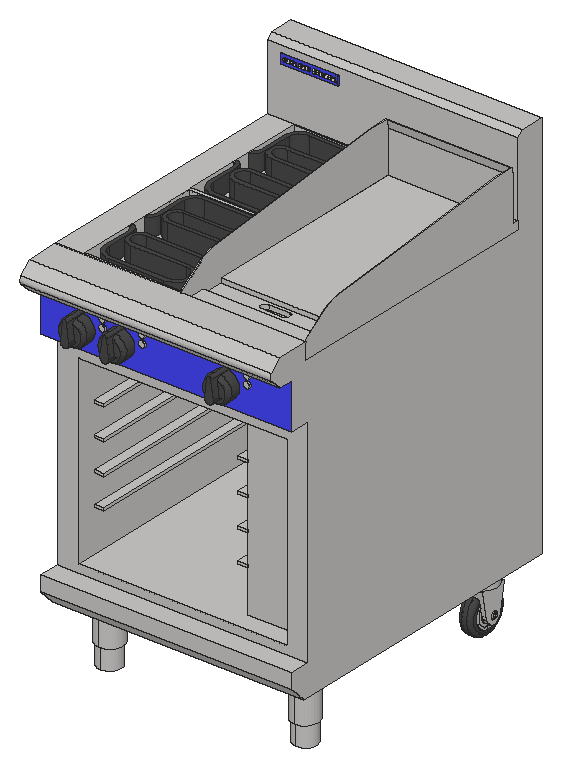
Revit family "QF_MOFFAT_BLUESEAL_CE_E514C-CB", category Specialty Equipment, Revit 2012
Parameters
  Weight in Pounds = 173  # constant formula
  Width [instance] = 600.00 mm  # constant formula
  Watts = 8200 W
  Volts = 400 V
  URL Cutsheet = "www.moffat.com"
  URL = "www.moffat.com"
  Type Mark [instance] = ""
  Status [instance] = ""
  Specification by User [instance] = ""
  Specification by Manufacturer = ""
  Show Logo [instance] = yes
  Show Casters [instance] = yes
  Serial Number = ""
  Seismic Rating = ""
  SMACNA No = ""
  Revision Code [instance] = ""
  Phase = 3
  Omniclass Number and Title = ""
  Number of Poles = 1
  NAFEM Spec ID Number = ""
  Model = "E514C-CB"
  Min Ckt Ampacity = 0 A
  Max Overcurrent Protection = 0 A
  Masterspec = ""
  Manufacturer = "MOFFAT BLUESEAL"
  Legs [instance] = not(Show Casters)  # no
  Item Number [instance] = ""
  Installed By [instance] = ""
  Identify Quantity as Lot [instance] = yes
  Height = 1085.00 mm  # constant formula
  HP = ""
  Furnished By [instance] = ""
  Foodservice Equipment Identifier [instance] = yes
  FL Amps = 20 A
  Electrical Remarks = "20A PER PHASE"
  Elec Conn RI Height = 0.00 mm
  Elec Conn Connection Height = 0.00 mm
  Description = "600MM ELECTRIC COOK TOP & GRIDDLE ON CABINET BASE"
  Depth [instance] = 812.00 mm  # constant formula
  Cycle = 50 Hz
  Conn Plug = ""
  Conn Conduit = yes
  CSI MasterFormat = ""
  CSI Master Format = ""
  Back Splash [instance] = 215.00 mm  # constant formula
  Apparent Power = if(Phase = 3, Volts * FL Amps * 1.73, Volts * FL Amps)  # 13840 VA
Reference planes
  plane 1 "BACK": y = 0
  plane 2: z = 0
  plane 3 "LEFT": x = 0
  plane 4 "RIGHT": x = 600
  plane 5 "FRONT": y = -812
  plane 6 "TOP": z = 970
  plane 7 "Center Y": x = 300
  plane 8 "Center X": y = -406
  plane 9 "Base Height": z = 150
  plane 10: z = 915
  plane 11: x = 65
  plane 12: x = 534
  plane 13: y = -625
  plane 14: y = -100
  plane 15: x = 470
  plane 16: z = 655
  plane 17: y = -32
  plane 18: z = 1085
Forms (mm)
  Extrusion 1, solid, material "QF_Finishes_Stainless Steel"
    sketch origin (0, 0, 0) x (0, 1, 0) y (0, 0, 1)
      loop
        line (-100, 150) -> (0, 150) -> (0, 1085) -> (-57.5, 1085) -> (-70, 1072.5) -> (-70, 875) -> (-705, 875) -> (-705, 915) -> (-783.97, 915) -> (-808.485, 890.485)
        arc (-808.485, 890.485) -> (-811.999, 882) -> (-808.485, 873.515) r 12
        line (-808.485, 873.515) -> (-784.97, 850) -> (-749, 850) -> (-749, 740) -> (-100, 740) -> (-100, 150)
      loop
        line (-749, 186) -> (-713, 150) -> (-699, 150) -> (-699, 222.5) -> (-749, 222.5) -> (-749, 186)
    from 0 to 600
  Revolve 2, solid, material "QF_Finishes_Stainless Steel", visible <- "Legs"
    sketch origin (534, -210, 0) x (0, 1, 0) y (0, 0, -1)
      loop
        line (78.25, -150) -> (110, -150) -> (110, 0) -> (82.5, 0) -> (82.5, -50) -> (78.25, -50) -> (78.25, -150)
      axis (110, -150) -> (110, 0)
    angle from 0 to 360
  Revolve 3, solid, material "QF_Finishes_Stainless Steel"
    sketch origin (534, -735, 0) x (0, 1, 0) y (0, 0, -1)
      loop
        line (78.25, -150) -> (110, -150) -> (110, 0) -> (82.5, 0) -> (82.5, -50) -> (78.25, -50) -> (78.25, -150)
      axis (110, -150) -> (110, 0)
    angle from 0 to 360
  Revolve 4, solid, material "QF_Finishes_Stainless Steel", visible <- "Legs"
    sketch origin (65, -210, 0) x (0, 1, 0) y (0, 0, -1)
      loop
        line (78.25, -150) -> (110, -150) -> (110, 0) -> (82.5, 0) -> (82.5, -50) -> (78.25, -50) -> (78.25, -150)
      axis (110, -150) -> (110, 0)
    angle from 0 to 360
  Revolve 5, solid, material "QF_Finishes_Stainless Steel"
    sketch origin (65, -735, 0) x (0, 1, 0) y (0, 0, -1)
      loop
        line (78.25, -150) -> (110, -150) -> (110, 0) -> (82.5, 0) -> (82.5, -50) -> (78.25, -50) -> (78.25, -150)
      axis (110, -150) -> (110, 0)
    angle from 0 to 360
  Revolve 6, solid, material "QF_Finishes_Black"
    sketch origin (103.927, 7, 597.816) x (0, 1, 0) y (0, 0, -1)
      loop
        line (-789, -229.5) -> (-766, -229.5) -> (-766, -202) -> (-756, -202) -> (-756, -197) -> (-800, -197) -> (-800, -223.651) -> (-789, -229.5)
      axis (-800, -197) -> (-756, -197)
    angle from 0 to 360
  Extrusion 7, solid, material "QF_Finishes_Black"
    sketch origin (242.197, 0, 597.973) x (-1, 0, 0) y (0, 0, -1)
      loop
        line (143.2, -228.94) -> (148.689, -184.854)
        arc (148.689, -184.854) -> (137.617, -174.355) -> (127.782, -186.021) r 10.487
        line (127.782, -186.021) -> (133.203, -228.94)
        arc (133.203, -228.94) -> (138.201, -233.827) -> (143.2, -228.94) r 5
    from 759 to 808
  Extrusion 8, solid, material "QF_Finishes_Stainless Steel"
    sketch origin (0, -699, 685) x (1, 0, 0) y (0, -1, 0)
      loop
        circle (470, -668) r 13.5
    from -55 to 30
  Extrusion 9, solid, material "QF_Finishes_Stainless Steel"
    sketch origin (0, -100, 685) x (0, 0, 1) y (-1, 0, 0)
      loop
        line (-535, 0) -> (-535, -600) -> (55, -600) -> (55, 0) -> (-535, 0)
      loop
        line (0, -50) -> (-442.5, -50) -> (-442.5, -550) -> (0, -550) -> (0, -50)
    from 0 to 599
  Extrusion 10, solid, material "QF_Finishes_Stainless Steel"
    sketch origin (0, -100, 685) x (0, 0, 1) y (-1, 0, 0)
      loop
        line (-266.25, -50) -> (-266.25, -75) -> (-259.9, -75) -> (-259.9, -50) -> (-266.25, -50)
      loop
        line (-184.9, -75) -> (-184.9, -50) -> (-191.25, -50) -> (-191.25, -75) -> (-184.9, -75)
      loop
        line (-341.25, -50) -> (-341.25, -75) -> (-334.9, -75) -> (-334.9, -50) -> (-341.25, -50)
      loop
        line (-109.9, -75) -> (-109.9, -50) -> (-116.25, -50) -> (-116.25, -75) -> (-109.9, -75)
      loop
        line (-266.25, -419.5) -> (-259.9, -419.5) -> (-259.9, -394.5) -> (-266.25, -394.5) -> (-266.25, -419.5)
      loop
        line (-184.9, -394.5) -> (-191.25, -394.5) -> (-191.25, -419.5) -> (-184.9, -419.5) -> (-184.9, -394.5)
      loop
        line (-341.25, -419.5) -> (-334.9, -419.5) -> (-334.9, -394.5) -> (-341.25, -394.5) -> (-341.25, -419.5)
      loop
        line (-109.9, -394.5) -> (-116.25, -394.5) -> (-116.25, -419.5) -> (-109.9, -419.5) -> (-109.9, -394.5)
    from 0 to 554
  Extrusion 11, solid, material "QF_Finishes_Stainless Steel"
    sketch origin (0, -100, 685) x (0, 0, 1) y (-1, 0, 0)
      loop
        line (0, -550) -> (0, -419.5) -> (-442.5, -419.5) -> (-442.5, -550) -> (0, -550)
    from 546.898 to 554
  Extrusion 12, void
    sketch origin (0, 0, 150) x (-1, 0, 0) y (0, -1, 0)
      loop
        line (-535.614, 87.26) -> (-535.614, -30.24) -> (-406.114, -30.24) -> (-406.114, 38.76) -> (-454.614, 87.26) -> (-535.614, 87.26)
    from 72.5 to 590
  Extrusion 13, solid, material "QF_Finishes_Stainless Steel"
    sketch origin (-30, -749, 850) x (0, 0, -1) y (1, 0, 0)
      loop
        circle (25.2, 179) r 7.15
      loop
        circle (45.2, 179) r 7.15
    from 0 to 3.18
  Revolve 14, solid, material "QF_Finishes_Stainless Steel", visible <- "Legs"
    sketch origin (65, -165, 0) x (0, 1, 0) y (0, 0, 1)
      loop
        line (34.25, 150) -> (34.25, 50) -> (38.5, 50) -> (38.5, 0) -> (66, 0) -> (66, 150) -> (34.25, 150)
      axis (66, 150) -> (66, 0)
    angle from 0 to 360
  Revolve 15, solid, material "QF_Finishes_Stainless Steel", visible <- "Legs"
    sketch origin (535, -165, 0) x (0, 1, 0) y (0, 0, -1)
      loop
        line (34.25, -150) -> (66, -150) -> (66, 0) -> (38.5, 0) -> (38.5, -50) -> (34.25, -50) -> (34.25, -150)
      axis (66, -150) -> (66, 0)
    angle from 0 to 360
  Revolve 16, solid, material "QF_Finishes_Stainless Steel", visible <- "Show Casters"
    sketch origin (15.776, -99.755, -13.653) x (1, 0, 0) y (0, 0, 1)
      loop
        line (14.841, 63.604) -> (83.584, 63.604) -> (83.584, 67.109) -> (82.314, 68.379) -> (80.79, 68.379) -> (80.79, 71.826) -> (68.644, 71.826) -> (68.644, 81.79) -> (65.088, 83.843) -> (63.738, 92.179) -> (65.881, 92.179) -> (65.881, 98.529) -> (65.088, 98.529) -> (65.088, 104.879)
        arc (65.088, 104.879) -> (62.298, 111.614) -> (55.563, 114.404) r 9.525
        line (55.563, 114.404) -> (42.863, 114.404)
        arc (42.863, 114.404) -> (36.127, 111.614) -> (33.338, 104.879) r 9.525
        line (33.338, 104.879) -> (33.338, 98.529) -> (32.544, 98.529) -> (32.544, 92.179) -> (34.687, 92.179) -> (33.352, 83.932) -> (29.782, 81.871) -> (29.782, 71.826) -> (17.635, 71.826) -> (17.635, 68.379) -> (16.111, 68.379) -> (14.841, 67.109) -> (14.841, 63.604)
      axis (14.841, 63.604) -> (83.584, 63.604)
    angle from 0 to 360
  Extrusion 17, solid, material "QF_Finishes_Stainless Steel", visible <- "Show Casters"
    sketch origin (71.501, 133.353, -8.783) x (0, 1, 0) y (0, 0, 1)
      loop
        line (-200.603, 118.783) -> (-264.103, 118.783) -> (-251.746, 53.895)
        arc (-251.746, 53.895) -> (-232.353, 38.783) -> (-212.959, 53.895) r 20
        line (-212.959, 53.895) -> (-200.603, 118.783)
    from -35.667 to 22.923
  Revolve 18, solid, material "QF_Finishes_Stainless Steel", visible <- "Show Casters"
    sketch origin (65, -203, 0) x (0, 1, 0) y (0, 0, 1)
      loop
        line (68.25, 150) -> (68.25, 110) -> (104, 110) -> (104, 150) -> (68.25, 150)
      axis (104, 150) -> (104, 110)
    angle from 0 to 360
  Revolve 19, solid, material "QF_Finishes_Stainless Steel", visible <- "Legs"
    sketch origin (65, -165, 0) x (0, 1, 0) y (0, 0, 1)
      loop
        line (34.25, 150) -> (34.25, 50) -> (38.5, 50) -> (38.5, 0) -> (66, 0) -> (66, 150) -> (34.25, 150)
      axis (66, 150) -> (66, 0)
    angle from 0 to 360
  Revolve 20, solid, material "QF_Finishes_Stainless Steel", visible <- "Show Casters"
    sketch origin (485.776, -99.755, -13.653) x (1, 0, 0) y (0, 0, 1)
      loop
        line (14.841, 63.604) -> (83.584, 63.604) -> (83.584, 67.109) -> (82.314, 68.379) -> (80.79, 68.379) -> (80.79, 71.826) -> (68.644, 71.826) -> (68.644, 81.79) -> (65.088, 83.843) -> (63.738, 92.179) -> (65.881, 92.179) -> (65.881, 98.529) -> (65.088, 98.529) -> (65.088, 104.879)
        arc (65.088, 104.879) -> (62.298, 111.614) -> (55.563, 114.404) r 9.525
        line (55.563, 114.404) -> (42.863, 114.404)
        arc (42.863, 114.404) -> (36.127, 111.614) -> (33.338, 104.879) r 9.525
        line (33.338, 104.879) -> (33.338, 98.529) -> (32.544, 98.529) -> (32.544, 92.179) -> (34.687, 92.179) -> (33.352, 83.932) -> (29.782, 81.871) -> (29.782, 71.826) -> (17.635, 71.826) -> (17.635, 68.379) -> (16.111, 68.379) -> (14.841, 67.109) -> (14.841, 63.604)
      axis (14.841, 63.604) -> (83.584, 63.604)
    angle from 0 to 360
  Extrusion 21, solid, material "QF_Finishes_Stainless Steel", visible <- "Show Casters"
    sketch origin (541.501, 133.353, -8.783) x (0, 1, 0) y (0, 0, 1)
      loop
        line (-200.603, 118.783) -> (-264.103, 118.783) -> (-251.746, 53.895)
        arc (-251.746, 53.895) -> (-232.353, 38.783) -> (-212.959, 53.895) r 20
        line (-212.959, 53.895) -> (-200.603, 118.783)
    from -35.667 to 22.923
  Revolve 22, solid, material "QF_Finishes_Stainless Steel", visible <- "Show Casters"
    sketch origin (535, -203, 0) x (0, 1, 0) y (0, 0, 1)
      loop
        line (68.25, 150) -> (68.25, 110) -> (104, 110) -> (104, 150) -> (68.25, 150)
      axis (104, 150) -> (104, 110)
    angle from 0 to 360
  Revolve 23, solid, material "QF_Finishes_Black"
    sketch origin (198.927, 7, 597.816) x (0, 1, 0) y (0, 0, -1)
      loop
        line (-789, -229.5) -> (-766, -229.5) -> (-766, -202) -> (-756, -202) -> (-756, -197) -> (-800, -197) -> (-800, -223.651) -> (-789, -229.5)
      axis (-800, -197) -> (-756, -197)
    angle from 0 to 360
  Extrusion 24, solid, material "QF_Finishes_Black"
    sketch origin (337.197, 0, 597.973) x (-1, 0, 0) y (0, 0, -1)
      loop
        line (143.2, -228.94) -> (148.689, -184.854)
        arc (148.689, -184.854) -> (137.617, -174.355) -> (127.782, -186.021) r 10.487
        line (127.782, -186.021) -> (133.203, -228.94)
        arc (133.203, -228.94) -> (138.201, -233.827) -> (143.2, -228.94) r 5
    from 759 to 808
  Extrusion 25, solid, material "QF_Finishes_Stainless Steel"
    sketch origin (65, -749, 850) x (0, 0, -1) y (1, 0, 0)
      loop
        circle (25.2, 179) r 7.15
      loop
        circle (45.2, 179) r 7.15
    from 0 to 3.18
  Revolve 26, solid, material "QF_Finishes_Black"
    sketch origin (450, 7, 597.816) x (0, 1, 0) y (0, 0, -1)
      loop
        line (-789, -229.5) -> (-766, -229.5) -> (-766, -202) -> (-756, -202) -> (-756, -197) -> (-800, -197) -> (-800, -223.651) -> (-789, -229.5)
      axis (-800, -197) -> (-756, -197)
    angle from 0 to 360
  Extrusion 27, solid, material "QF_Finishes_Black"
    sketch origin (588.27, 0, 597.973) x (-1, 0, 0) y (0, 0, -1)
      loop
        line (143.2, -228.94) -> (148.689, -184.854)
        arc (148.689, -184.854) -> (137.617, -174.355) -> (127.782, -186.021) r 10.487
        line (127.782, -186.021) -> (133.203, -228.94)
        arc (133.203, -228.94) -> (138.201, -233.827) -> (143.2, -228.94) r 5
    from 759 to 808
  Extrusion 28, solid, material "QF_Finishes_Stainless Steel"
    sketch origin (316.073, -749, 850) x (0, 0, -1) y (1, 0, 0)
      loop
        circle (25.2, 179) r 7.15
      loop
        circle (45.2, 179) r 7.15
    from 0 to 3.18
Cuts and joins
  Extrusion 12 cuts Extrusion 1
  joined: Extrusion 1, Extrusion 9
Lines and regions (mm)
  Split face 1
    outline origin (600, 0, 1085) x (-1, 0, 0) y (0, -1, 0)
      loop
        arc (556, 18.385) -> (564.66, 23.385) -> (564.66, 33.385) r 10
        line (564.66, 33.385) -> (560.619, 40.385)
        arc (560.619, 40.385) -> (556.959, 44.045) -> (551.959, 45.385) r 10
        line (551.959, 45.385) -> (324, 45.385)
        arc (324, 45.385) -> (315.34, 40.385) -> (315.34, 30.385) r 10
        line (315.34, 30.385) -> (319.381, 23.385)
        arc (319.381, 23.385) -> (323.041, 19.725) -> (328.041, 18.385) r 10
        line (328.041, 18.385) -> (556, 18.385)
  Split face 2
    outline origin (600, 0, 1085) x (-1, 0, 0) y (0, -1, 0)
      loop
        arc (276, 18.385) -> (284.66, 23.385) -> (284.66, 33.385) r 10
        line (284.66, 33.385) -> (280.619, 40.385)
        arc (280.619, 40.385) -> (276.959, 44.045) -> (271.959, 45.385) r 10
        line (271.959, 45.385) -> (44, 45.385)
        arc (44, 45.385) -> (35.34, 40.385) -> (35.34, 30.385) r 10
        line (35.34, 30.385) -> (39.381, 23.385)
        arc (39.381, 23.385) -> (43.041, 19.725) -> (48.041, 18.385) r 10
        line (48.041, 18.385) -> (276, 18.385)
  symbolic lines
    curve 1: line (0, 0, 0) -> (0, -812, 0)
    curve 2: line (600, 0, 0) -> (0, 0, 0)
    curve 3: line (600, -812, 0) -> (600, 0, 0)
    curve 4: line (0, -812, 0) -> (600, -812, 0)
    curve 13: line (0, -57.5, 150) -> (600, -57.5, 150)
    curve 14: line (0, -70, 150) -> (600, -70, 150)
    curve 15: line (0, -783.97, 150) -> (600, -783.97, 150)
    curve 16: line (0, -705, 150) -> (600, -705, 150)
    curve 17: line (44, -18.385, 0) -> (271.959, -18.385, 0)
    curve 18: arc (271.959, -18.385, 0) -> (276.959, -19.725, 0) -> (280.619, -23.385, 0) r 10
    curve 19: line (280.619, -23.385, 0) -> (284.66, -30.385, 0)
    curve 20: arc (284.66, -30.385, 0) -> (284.66, -40.385, 0) -> (276, -45.385, 0) r 10
    curve 21: line (276, -45.385, 0) -> (48.041, -45.385, 0)
    curve 22: arc (48.041, -45.385, 0) -> (43.041, -44.045, 0) -> (39.381, -40.385, 0) r 10
    curve 23: line (39.381, -40.385, 0) -> (35.34, -33.385, 0)
    curve 24: arc (35.34, -33.385, 0) -> (35.34, -23.385, 0) -> (44, -18.385, 0) r 10
    curve 25: line (324, -18.385, 0) -> (551.959, -18.385, 0)
    curve 26: arc (551.959, -18.385, 0) -> (556.959, -19.725, 0) -> (560.619, -23.385, 0) r 10
    curve 27: line (560.619, -23.385, 0) -> (564.66, -30.385, 0)
    curve 28: arc (564.66, -30.385, 0) -> (564.66, -40.385, 0) -> (556, -45.385, 0) r 10
    curve 29: line (556, -45.385, 0) -> (328.041, -45.385, 0)
    curve 30: arc (328.041, -45.385, 0) -> (323.041, -44.045, 0) -> (319.381, -40.385, 0) r 10
    curve 31: line (319.381, -40.385, 0) -> (315.34, -33.385, 0)
    curve 32: arc (315.34, -33.385, 0) -> (315.34, -23.385, 0) -> (324, -18.385, 0) r 10
  symbolic lines, style "SpecialityEquipmentHiddenLines", visible <- "Show Casters"
    curve 5: line (78.456, -46.735, 0) -> (105.952, -62.61, 0)
    curve 6: line (27.656, -134.723, 0) -> (78.456, -46.735, 0)
    curve 7: line (55.152, -150.598, 0) -> (27.656, -134.723, 0)
    curve 8: line (105.952, -62.61, 0) -> (55.152, -150.598, 0)
    curve 9: line (548.456, -46.735, 0) -> (575.952, -62.61, 0)
    curve 10: line (497.656, -134.723, 0) -> (548.456, -46.735, 0)
    curve 11: line (525.152, -150.598, 0) -> (497.656, -134.723, 0)
    curve 12: line (575.952, -62.61, 0) -> (525.152, -150.598, 0)
Dimensions and locks
  equal spacing: plane 3 "LEFT", plane 7 "Center Y", plane 4 "RIGHT"
  "Width": plane 3 "LEFT" to plane 4 "RIGHT"
  equal spacing: plane 5 "FRONT", plane 8 "Center X", plane 1 "BACK"
  "Depth": plane 5 "FRONT" to plane 1 "BACK"
  locked: plane 10 to level at 915
  locked: plane 9 "Base Height" to level at 150
  plane 6 "TOP" to plane 10 = 55.00 mm
  plane 13 to plane 14 = 525.00 mm
  plane 12 to plane 11 = 469.00 mm
  plane 15 to plane 4 "RIGHT" = 130.00 mm
  plane 16 to level = 655.00 mm
  plane 17 to plane 1 "BACK" = 32.00 mm
  "Height": plane 18 to plane 2
  Revolve 16 sketch curve to Revolve 16 sketch curve = 50.80 mm
  Revolve 20 sketch curve to Revolve 20 sketch curve = 50.80 mm
  Extrusion 8 sketch curve to plane 1 "BACK" = 31.00 mm
  aligned and locked: level to plane 2
Automatic sketch dimensions
  curve 1 to plane 3 "LEFT" = 0.00 mm
  curve 4 to plane 4 "RIGHT" = 0.00 mm
  plane 5 "FRONT" to curve 1 = 0.00 mm
  plane 1 "BACK" to curve 2 = 0.00 mm
  plane 3 "LEFT" to curve 7 = 27.656 mm
  curve 23 to plane 17 = 1.385 mm
  curve 23 to plane 11 = 29.66 mm
  curve 23 to plane 17 = 8.385 mm
  curve 23 to curve 23 = 4.041 mm
  plane 17 to curve 24 = 3.615 mm
  curve 24 to curve 24 = 8.66 mm
  curve 22 to curve 21 = 8.66 mm
  curve 7 to plane 11 = 9.848 mm
  plane 11 to curve 6 = 13.456 mm
  curve 18 to plane 7 "Center Y" = 28.041 mm
  curve 18 to curve 21 = 4.041 mm
  plane 17 to curve 19 = 8.615 mm
  curve 17 to curve 19 = 8.66 mm
  plane 17 to curve 19 = 1.615 mm
  curve 18 to curve 19 = 4.041 mm
  curve 32 to plane 17 = 1.385 mm
  plane 7 "Center Y" to curve 32 = 15.34 mm
  curve 31 to plane 17 = 8.385 mm
  curve 32 to curve 31 = 4.041 mm
  plane 17 to curve 32 = 3.615 mm
  curve 31 to curve 32 = 8.66 mm
  curve 30 to plane 17 = 3.385 mm
  curve 32 to curve 30 = 4.041 mm
  plane 15 to curve 11 = 27.656 mm
  plane 12 to curve 11 = 8.848 mm
  curve 9 to plane 12 = 14.456 mm
  curve 25 to plane 12 = 17.959 mm
  curve 9 to curve 29 = 7.544 mm
  plane 17 to curve 27 = 8.615 mm
  curve 25 to curve 27 = 8.66 mm
  plane 17 to curve 27 = 1.615 mm
  curve 26 to curve 27 = 4.041 mm
  curve 11 to plane 14 = 50.598 mm
  curve 7 to plane 14 = 50.598 mm
  curve 11 to curve 10 = 15.875 mm
  curve 7 to curve 6 = 15.875 mm
  curve 21 to plane 17 = 13.385 mm
  Extrusion 1 sketch curve to plane 10 = 0.00 mm
  Extrusion 1 sketch curve to plane 9 "Base Height" = 0.00 mm  (x2)
  Extrusion 1 sketch curve to plane 14 = 0.00 mm
  Extrusion 1 sketch curve to plane 18 = 0.00 mm
  Extrusion 1 sketch curve to plane 1 "BACK" = 0.00 mm
  Extrusion 1 sketch curve to plane 13 = 74.00 mm
  Extrusion 1 sketch curve to plane 10 = 40.00 mm
  Extrusion 1 sketch curve to plane 13 = 80.00 mm
  Extrusion 1 sketch curve to Extrusion 1 sketch curve = 14.00 mm
  Extrusion 1 sketch curve to Extrusion 1 sketch curve = 36.00 mm
  Extrusion 1 sketch curve to plane 5 "FRONT" = 63.00 mm
  Extrusion 1 sketch curve to plane 5 "FRONT" = 28.03 mm
  Extrusion 1 sketch curve to plane 5 "FRONT" = 27.03 mm
  Extrusion 1 sketch curve to plane 5 "FRONT" = 12.001 mm
  Extrusion 1 sketch curve to plane 5 "FRONT" = 3.515 mm  (x2)
  plane 14 to Extrusion 1 sketch curve = 30.00 mm
  Extrusion 1 sketch curve to Extrusion 1 sketch curve = 12.50 mm
  plane 9 "Base Height" to Extrusion 1 sketch curve = 36.00 mm
  Extrusion 1 sketch curve to Extrusion 1 sketch curve = 36.50 mm
  plane 16 to Extrusion 1 sketch curve = 85.00 mm
  Extrusion 1 sketch curve to Extrusion 1 sketch curve = 25.00 mm
  Extrusion 1 sketch curve to Extrusion 1 sketch curve = 23.515 mm
  Extrusion 1 sketch curve to Extrusion 1 sketch curve = 8.485 mm
  Extrusion 1 sketch curve to plane 18 = 12.50 mm
  Revolve 2 sketch curve to plane 9 "Base Height" = 0.00 mm
  Revolve 2 sketch curve to level = 0.00 mm
  Revolve 2 sketch curve to plane 14 = 0.00 mm  (x2)
  Revolve 2 sketch curve to plane 14 = 27.50 mm
  Revolve 2 sketch curve to plane 14 = 31.75 mm
  level to Revolve 2 sketch curve = 50.00 mm
  Revolve 2 sketch curve to Revolve 2 sketch curve = 0.00 mm
  Revolve 2 sketch curve to Revolve 2 sketch curve = 55.00 mm
  Revolve 3 sketch curve to plane 9 "Base Height" = 0.00 mm
  Revolve 3 sketch curve to level = 0.00 mm
  Revolve 3 sketch curve to plane 13 = 0.00 mm  (x2)
  Revolve 3 sketch curve to plane 13 = 27.50 mm
  Revolve 3 sketch curve to plane 13 = 31.75 mm
  level to Revolve 3 sketch curve = 50.00 mm
  Revolve 3 sketch curve to Revolve 3 sketch curve = 0.00 mm
  Revolve 3 sketch curve to Revolve 3 sketch curve = 55.00 mm
  Revolve 4 sketch curve to plane 9 "Base Height" = 0.00 mm
  Revolve 4 sketch curve to level = 0.00 mm
  Revolve 4 sketch curve to plane 14 = 0.00 mm  (x2)
  Revolve 4 sketch curve to plane 14 = 27.50 mm
  Revolve 4 sketch curve to plane 14 = 31.75 mm
  level to Revolve 4 sketch curve = 50.00 mm
  Revolve 4 sketch curve to Revolve 4 sketch curve = 0.00 mm
  Revolve 4 sketch curve to Revolve 4 sketch curve = 55.00 mm
  Revolve 5 sketch curve to plane 9 "Base Height" = 0.00 mm
  Revolve 5 sketch curve to level = 0.00 mm
  Revolve 5 sketch curve to plane 13 = 0.00 mm  (x2)
  Revolve 5 sketch curve to plane 13 = 27.50 mm
  Revolve 5 sketch curve to plane 13 = 31.75 mm
  level to Revolve 5 sketch curve = 50.00 mm
  Revolve 5 sketch curve to Revolve 5 sketch curve = 0.00 mm
  Revolve 5 sketch curve to Revolve 5 sketch curve = 55.00 mm
  Revolve 6 sketch curve to plane 5 "FRONT" = 19.00 mm
  Revolve 6 sketch curve to Revolve 6 sketch curve = 0.00 mm  (x2)
  Revolve 6 sketch curve to Revolve 6 sketch curve = 11.00 mm
  Revolve 6 sketch curve to Revolve 6 sketch curve = 12.70 mm
  Revolve 6 sketch curve to Revolve 6 sketch curve = 23.00 mm
  Revolve 6 sketch curve to Revolve 6 sketch curve = 10.00 mm
  Revolve 6 sketch curve to plane 10 = 87.684 mm
  Revolve 6 sketch curve to Revolve 6 sketch curve = 5.849 mm
  Revolve 6 sketch curve to Revolve 6 sketch curve = 27.50 mm
  Revolve 6 sketch curve to Revolve 6 sketch curve = 5.00 mm
  plane 11 to Extrusion 7 sketch curve = 49.415 mm
  Extrusion 7 sketch curve to Extrusion 7 sketch curve = 5.421 mm
  Extrusion 7 sketch curve to Extrusion 7 sketch curve = 4.999 mm  (x2)
  Extrusion 7 sketch curve to Extrusion 7 sketch curve = 10.419 mm
  Extrusion 7 sketch curve to Extrusion 7 sketch curve = 10.487 mm
  Extrusion 7 sketch curve to plane 10 = 88.087 mm
  Extrusion 7 sketch curve to Extrusion 7 sketch curve = 0.113 mm
  Extrusion 7 sketch curve to Extrusion 7 sketch curve = 42.919 mm
  Extrusion 7 sketch curve to Extrusion 7 sketch curve = 1.167 mm
  Extrusion 8 sketch curve to plane 15 = 0.00 mm
  Extrusion 1 to Extrusion 9 sketch curve = 0.00 mm
  Extrusion 9 sketch curve to Extrusion 1 = 0.00 mm  (x3)
  Extrusion 1 to Extrusion 9 sketch curve = 92.50 mm
  Extrusion 1 to Extrusion 9 sketch curve = 55.00 mm
  Extrusion 1 to Extrusion 9 sketch curve = 50.00 mm  (x2)
  Extrusion 1 to Extrusion 10 sketch curve = 50.00 mm  (x2)
  Extrusion 1 to Extrusion 10 sketch curve = 193.75 mm  (x2)
  Extrusion 10 sketch curve to Extrusion 10 sketch curve = 6.35 mm  (x8)
  Extrusion 10 sketch curve to Extrusion 10 sketch curve = 68.65 mm  (x6)
  Extrusion 10 sketch curve to Extrusion 10 sketch curve = 25.00 mm  (x8)
  Extrusion 10 sketch curve to Extrusion 10 sketch curve = 0.00 mm  (x4)
  Extrusion 1 to Extrusion 10 sketch curve = 75.00 mm
  Extrusion 1 to Extrusion 10 sketch curve = 205.50 mm
  Extrusion 1 to Extrusion 11 sketch curve = 92.50 mm
  Extrusion 1 to Extrusion 11 sketch curve = 55.00 mm
  Extrusion 1 to Extrusion 11 sketch curve = 50.00 mm
  Extrusion 11 sketch curve to Extrusion 11 sketch curve = 130.50 mm
  Extrusion 12 sketch curve to plane 12 = 1.614 mm
  Extrusion 12 sketch curve to plane 15 = 15.386 mm
  Extrusion 12 sketch curve to plane 17 = 6.76 mm
  Extrusion 12 sketch curve to plane 15 = 63.886 mm
  Extrusion 12 sketch curve to plane 1 "BACK" = 30.24 mm
  plane 14 to Extrusion 12 sketch curve = 12.74 mm
  Extrusion 1 to Extrusion 13 sketch curve = 25.20 mm
  Extrusion 13 sketch curve to Extrusion 13 sketch curve = 20.00 mm
  Extrusion 1 to Extrusion 13 sketch curve = 149.00 mm
  Extrusion 13 sketch curve to Extrusion 13 sketch curve = 0.00 mm
  Revolve 14 sketch curve to plane 9 "Base Height" = 0.00 mm
  Revolve 14 sketch curve to level = 0.00 mm
  Revolve 14 sketch curve to plane 14 = 30.75 mm
  Revolve 14 sketch curve to plane 14 = 26.50 mm
  plane 14 to Revolve 14 sketch curve = 1.00 mm  (x2)
  Revolve 14 sketch curve to Revolve 14 sketch curve = 55.00 mm
  level to Revolve 14 sketch curve = 50.00 mm
  Revolve 14 sketch curve to Revolve 14 sketch curve = 0.00 mm
  Revolve 15 sketch curve to plane 9 "Base Height" = 0.00 mm
  Revolve 15 sketch curve to level = 0.00 mm
  Revolve 15 sketch curve to plane 14 = 30.75 mm
  Revolve 15 sketch curve to plane 14 = 26.50 mm
  plane 14 to Revolve 15 sketch curve = 1.00 mm  (x2)
  level to Revolve 15 sketch curve = 50.00 mm
  Revolve 15 sketch curve to Revolve 15 sketch curve = 0.00 mm
  Revolve 15 sketch curve to Revolve 15 sketch curve = 55.00 mm
  plane 3 "LEFT" to Revolve 16 sketch curve = 30.618 mm
  Revolve 16 sketch curve to Revolve 16 sketch curve = 1.27 mm  (x4)
  Revolve 16 sketch curve to Revolve 16 sketch curve = 1.524 mm  (x2)
  Revolve 16 sketch curve to Revolve 16 sketch curve = 12.146 mm  (x2)
  Revolve 16 sketch curve to plane 11 = 16.68 mm
  Revolve 16 sketch curve to Revolve 16 sketch curve = 0.794 mm  (x2)
  Revolve 16 sketch curve to Revolve 16 sketch curve = 3.57 mm
  Revolve 16 sketch curve to Revolve 16 sketch curve = 2.143 mm
  Revolve 16 sketch curve to plane 11 = 6.361 mm
  plane 11 to Revolve 16 sketch curve = 5.13 mm
  plane 11 to Revolve 16 sketch curve = 6.339 mm
  plane 11 to Revolve 16 sketch curve = 14.515 mm
  Revolve 16 sketch curve to Revolve 16 sketch curve = 1.349 mm  (x2)
  Revolve 16 sketch curve to Revolve 16 sketch curve = 3.556 mm
  Revolve 16 sketch curve to Revolve 16 sketch curve = 33.32 mm
  level to Revolve 16 sketch curve = 49.952 mm
  Revolve 16 sketch curve to Revolve 16 sketch curve = 0.00 mm
  Revolve 16 sketch curve to Revolve 16 sketch curve = 3.505 mm  (x2)
  Revolve 16 sketch curve to Revolve 16 sketch curve = 3.447 mm  (x2)
  Revolve 16 sketch curve to Revolve 16 sketch curve = 9.964 mm
  Revolve 16 sketch curve to Revolve 16 sketch curve = 10.045 mm
  Revolve 16 sketch curve to Revolve 16 sketch curve = 2.053 mm
  Revolve 16 sketch curve to Revolve 16 sketch curve = 2.061 mm
  Revolve 16 sketch curve to Revolve 16 sketch curve = 8.247 mm
  Revolve 16 sketch curve to Revolve 16 sketch curve = 8.336 mm
  Revolve 16 sketch curve to Revolve 16 sketch curve = 6.35 mm  (x2)
  Extrusion 17 sketch curve to plane 14 = 30.75 mm
  Extrusion 17 sketch curve to plane 14 = 18.393 mm
  plane 14 to Extrusion 17 sketch curve = 1.00 mm
  Extrusion 17 sketch curve to Extrusion 17 sketch curve = 19.393 mm
  plane 14 to Extrusion 17 sketch curve = 32.75 mm
  level to Extrusion 17 sketch curve = 45.111 mm
  Extrusion 17 sketch curve to Extrusion 17 sketch curve = 4.889 mm
  Extrusion 17 sketch curve to plane 9 "Base Height" = 40.00 mm
  Revolve 18 sketch curve to plane 9 "Base Height" = 0.00 mm
  Revolve 18 sketch curve to plane 14 = 34.75 mm
  plane 14 to Revolve 18 sketch curve = 1.00 mm  (x2)
  Revolve 18 sketch curve to plane 9 "Base Height" = 40.00 mm
  level to Revolve 18 sketch curve = 50.00 mm
  Revolve 18 sketch curve to level = 55.00 mm
  Revolve 19 sketch curve to plane 9 "Base Height" = 0.00 mm
  Revolve 19 sketch curve to level = 0.00 mm
  Revolve 19 sketch curve to plane 14 = 30.75 mm
  Revolve 19 sketch curve to plane 14 = 26.50 mm
  plane 14 to Revolve 19 sketch curve = 1.00 mm  (x2)
  Revolve 19 sketch curve to Revolve 19 sketch curve = 55.00 mm
  level to Revolve 19 sketch curve = 50.00 mm
  Revolve 19 sketch curve to Revolve 19 sketch curve = 0.00 mm
  plane 15 to Revolve 20 sketch curve = 30.618 mm
  Revolve 20 sketch curve to Revolve 20 sketch curve = 1.27 mm  (x4)
  Revolve 20 sketch curve to Revolve 20 sketch curve = 1.524 mm  (x2)
  Revolve 20 sketch curve to Revolve 20 sketch curve = 12.146 mm  (x2)
  plane 12 to Revolve 20 sketch curve = 15.68 mm
  Revolve 20 sketch curve to Revolve 20 sketch curve = 0.794 mm  (x2)
  Revolve 20 sketch curve to Revolve 20 sketch curve = 3.57 mm
  Revolve 20 sketch curve to Revolve 20 sketch curve = 2.143 mm
  plane 12 to Revolve 20 sketch curve = 5.361 mm
  Revolve 20 sketch curve to plane 12 = 6.13 mm
  Revolve 20 sketch curve to plane 12 = 7.339 mm
  Revolve 20 sketch curve to Revolve 20 sketch curve = 8.176 mm
  Revolve 20 sketch curve to Revolve 20 sketch curve = 1.349 mm  (x2)
  Revolve 20 sketch curve to Revolve 20 sketch curve = 3.556 mm
  Revolve 20 sketch curve to plane 4 "RIGHT" = 2.68 mm
  level to Revolve 20 sketch curve = 49.952 mm
  Revolve 20 sketch curve to Revolve 20 sketch curve = 0.00 mm
  Revolve 20 sketch curve to Revolve 20 sketch curve = 3.505 mm  (x2)
  Revolve 20 sketch curve to Revolve 20 sketch curve = 3.447 mm  (x2)
  Revolve 20 sketch curve to Revolve 20 sketch curve = 9.964 mm
  Revolve 20 sketch curve to Revolve 20 sketch curve = 10.045 mm
  Revolve 20 sketch curve to Revolve 20 sketch curve = 2.053 mm
  Revolve 20 sketch curve to Revolve 20 sketch curve = 2.061 mm
  Revolve 20 sketch curve to Revolve 20 sketch curve = 8.247 mm
  Revolve 20 sketch curve to Revolve 20 sketch curve = 8.336 mm
  Revolve 20 sketch curve to Revolve 20 sketch curve = 6.35 mm  (x2)
  Extrusion 21 sketch curve to plane 14 = 30.75 mm
  Extrusion 21 sketch curve to plane 14 = 18.393 mm
  plane 14 to Extrusion 21 sketch curve = 1.00 mm
  Extrusion 21 sketch curve to Extrusion 21 sketch curve = 19.393 mm
  plane 14 to Extrusion 21 sketch curve = 32.75 mm
  level to Extrusion 21 sketch curve = 45.111 mm
  Extrusion 21 sketch curve to Extrusion 21 sketch curve = 4.889 mm
  Extrusion 21 sketch curve to plane 9 "Base Height" = 40.00 mm
  Revolve 22 sketch curve to plane 9 "Base Height" = 0.00 mm
  Revolve 22 sketch curve to plane 14 = 34.75 mm
  plane 14 to Revolve 22 sketch curve = 1.00 mm  (x2)
  Revolve 22 sketch curve to plane 9 "Base Height" = 40.00 mm
  level to Revolve 22 sketch curve = 50.00 mm
  Revolve 22 sketch curve to level = 55.00 mm
  Split face 1 sketch curve to cut or joined group of Extrusion 1, Extrusion 9, Extrusion 12 = 27.115 mm
  Split face 1 sketch curve to cut or joined group of Extrusion 1, Extrusion 9, Extrusion 12 = 284.66 mm
  Split face 1 sketch curve to Split face 1 sketch curve = 4.041 mm  (x4)
  Split face 1 sketch curve to Split face 1 sketch curve = 8.66 mm  (x2)
  Split face 1 sketch curve to cut or joined group of Extrusion 1, Extrusion 9, Extrusion 12 = 12.115 mm
  Split face 1 sketch curve to cut or joined group of Extrusion 1, Extrusion 9, Extrusion 12 = 48.041 mm
  Split face 1 sketch curve to Split face 1 sketch curve = 7.00 mm  (x3)
  Split face 1 sketch curve to Split face 1 sketch curve = 17.00 mm
  Split face 2 sketch curve to cut or joined group of Extrusion 1, Extrusion 9, Extrusion 12 = 35.34 mm
  Split face 2 sketch curve to Split face 2 sketch curve = 4.041 mm  (x4)
  Split face 2 sketch curve to Split face 2 sketch curve = 8.66 mm  (x2)
  Split face 2 sketch curve to cut or joined group of Extrusion 1, Extrusion 9, Extrusion 12 = 12.115 mm
  Split face 2 sketch curve to Split face 2 sketch curve = 223.917 mm
  Split face 2 sketch curve to Split face 2 sketch curve = 5.00 mm
  Split face 2 sketch curve to Split face 2 sketch curve = 10.00 mm
  Split face 2 sketch curve to Split face 2 sketch curve = 7.00 mm  (x3)
  Revolve 23 sketch curve to plane 5 "FRONT" = 19.00 mm
  Revolve 23 sketch curve to Revolve 23 sketch curve = 0.00 mm  (x2)
  Revolve 23 sketch curve to Revolve 23 sketch curve = 11.00 mm
  Revolve 23 sketch curve to Revolve 23 sketch curve = 12.70 mm
  Revolve 23 sketch curve to Revolve 23 sketch curve = 23.00 mm
  Revolve 23 sketch curve to Revolve 23 sketch curve = 10.00 mm
  Revolve 23 sketch curve to plane 10 = 87.684 mm
  Revolve 23 sketch curve to Revolve 23 sketch curve = 5.849 mm
  Revolve 23 sketch curve to Revolve 23 sketch curve = 27.50 mm
  Revolve 23 sketch curve to Revolve 23 sketch curve = 5.00 mm
  Extrusion 24 sketch curve to plane 7 "Center Y" = 90.585 mm
  Extrusion 24 sketch curve to Extrusion 24 sketch curve = 5.421 mm
  Extrusion 24 sketch curve to Extrusion 24 sketch curve = 4.999 mm  (x2)
  Extrusion 24 sketch curve to Extrusion 24 sketch curve = 10.419 mm
  Extrusion 24 sketch curve to plane 10 = 88.087 mm
  Extrusion 24 sketch curve to Extrusion 24 sketch curve = 10.487 mm
  Extrusion 24 sketch curve to Extrusion 24 sketch curve = 0.113 mm
  Extrusion 24 sketch curve to Extrusion 24 sketch curve = 42.919 mm
  Extrusion 24 sketch curve to Extrusion 24 sketch curve = 1.167 mm
  Extrusion 1 to Extrusion 25 sketch curve = 25.20 mm
  Extrusion 25 sketch curve to Extrusion 25 sketch curve = 20.00 mm
  Extrusion 1 to Extrusion 25 sketch curve = 244.00 mm
  Extrusion 25 sketch curve to Extrusion 25 sketch curve = 0.00 mm
  Revolve 26 sketch curve to plane 5 "FRONT" = 19.00 mm
  Revolve 26 sketch curve to Revolve 26 sketch curve = 0.00 mm  (x2)
  Revolve 26 sketch curve to Revolve 26 sketch curve = 11.00 mm
  Revolve 26 sketch curve to Revolve 26 sketch curve = 12.70 mm
  Revolve 26 sketch curve to Revolve 26 sketch curve = 23.00 mm
  Revolve 26 sketch curve to Revolve 26 sketch curve = 10.00 mm
  Revolve 26 sketch curve to plane 10 = 87.684 mm
  Revolve 26 sketch curve to Revolve 26 sketch curve = 5.849 mm
  Revolve 26 sketch curve to Revolve 26 sketch curve = 27.50 mm
  Revolve 26 sketch curve to Revolve 26 sketch curve = 5.00 mm
  Extrusion 27 sketch curve to plane 15 = 9.513 mm
  Extrusion 27 sketch curve to Extrusion 27 sketch curve = 5.421 mm
  Extrusion 27 sketch curve to Extrusion 27 sketch curve = 4.999 mm  (x2)
  Extrusion 27 sketch curve to Extrusion 27 sketch curve = 10.419 mm
  Extrusion 27 sketch curve to Extrusion 27 sketch curve = 10.487 mm
  Extrusion 27 sketch curve to plane 10 = 88.087 mm
  Extrusion 27 sketch curve to Extrusion 27 sketch curve = 0.113 mm
  Extrusion 27 sketch curve to Extrusion 27 sketch curve = 42.919 mm
  Extrusion 27 sketch curve to Extrusion 27 sketch curve = 1.167 mm
  Extrusion 1 to Extrusion 28 sketch curve = 25.20 mm
  Extrusion 28 sketch curve to Extrusion 28 sketch curve = 20.00 mm
  Extrusion 1 to Extrusion 28 sketch curve = 104.927 mm
  Extrusion 28 sketch curve to Extrusion 28 sketch curve = 0.00 mm
  radius of Extrusion 8 sketch curve = 13.50 mm
  radius of Extrusion 13 sketch curve = 7.15 mm  (x2)
  radius of Extrusion 25 sketch curve = 7.15 mm  (x2)
  radius of Extrusion 28 sketch curve = 7.15 mm  (x2)
Nested families
  nested 1: "WALDORF LOGO_FACE BASE" at (32, -70, 1056.885) x (1, 0, 0) z (0, -1, 0), visible <- "Show Logo", type "WALDORF LOGO_FACE BASE", detail levels medium+fine
    with Show Logo yes
  nested 2: "ELECTRIC BURNER & GRIDDLE 600" at (0, -70, 875), type "ELECTRIC BURNER & GRIDDLE 600"
    with Width 600.00 mm, Type Mark "", Status "", Specification by User "", Revision Code "", Item Number "", Installed By "", Identify Quantity as Lot yes, Furnished By "", Foodservice Equipment Identifier yes, Depth 635.00 mm
Connectors
  electrical at (470, -31, 655), driven by "Volts", driven by "Watts"
    settings: on Extrusion 8, index 1, voltage 400 V, apparent load 8200 VA, apparent load phase1 0 VA, apparent load phase2 0 VA, apparent load phase3 0 VA, power factor 1, load classification "Other", number of poles 1, system type 30, power factor state 1, is connector primary yes, connector utility no, sub classification motor no, connector description "ELECTRICAL CONNECTION"
Definition of nested family "WALDORF LOGO_FACE BASE"
  Parameters (values of type "WALDORF LOGO_FACE BASE")
    Show Logo [instance] = yes
    Default Elevation = 1219.20 mm
  Reference planes
    plane 1 "Center (Front/Back)": y = 0
    plane 2: z = 0
    plane 3 "Center (Left/Right)": x = 0
  Forms (mm)
    Extrusion 1, solid
      sketch origin (0, 0, 0) x (1, 0, 0) y (0, 1, 0)
        loop
          line (-1219.2, 1219.2) -> (-1219.2, -1219.2) -> (1219.2, -1219.2) -> (1219.2, 1219.2) -> (-1219.2, 1219.2)
      from 0 to -304.8
    Extrusion 2, solid, material "QF_Finishes_Blue", visible <- "Show Logo"
      sketch origin (0, -33.217, 0) x (1, 0, 0) y (0, 1, 0)
        loop
          arc (138, 31.942) -> (137.626, 32.844) -> (136.724, 33.217) r 1.276
          line (136.724, 33.217) -> (1.29, 33.217)
          arc (1.29, 33.217) -> (0.378, 32.839) -> (0, 31.927) r 1.29
          line (0, 31.927) -> (0, 11.507)
          arc (0, 11.507) -> (0.378, 10.595) -> (1.29, 10.217) r 1.29
          line (1.29, 10.217) -> (136.71, 10.217)
          arc (136.71, 10.217) -> (137.622, 10.595) -> (138, 11.507) r 1.29
          line (138, 11.507) -> (138, 31.942)
      from 0 to 1.588
    Extrusion 3, solid, material "QF_Finishes_White", visible <- "Show Logo"
      sketch origin (0, -33.217, 1.588) x (1, 0, 0) y (0, 1, 0)
        loop
          arc (108.946, 25.919) -> (107.613, 25.367) -> (107.061, 24.034) r 1.885
          line (107.061, 24.034) -> (107.061, 17.211) -> (112.704, 17.211) -> (112.704, 19.129) -> (115.546, 19.129) -> (115.546, 17.211) -> (121.584, 17.211) -> (121.584, 24.075)
          arc (121.584, 24.075) -> (121.043, 25.379) -> (119.739, 25.919) r 1.845
          line (119.739, 25.919) -> (108.946, 25.919)
        loop
          line (123.478, 25.919) -> (123.478, 17.163) -> (134.904, 17.163) -> (134.904, 19.129) -> (129.246, 19.129) -> (129.246, 25.919) -> (123.478, 25.919)
        loop
          line (112.704, 21.258) -> (115.546, 21.258) -> (115.546, 22.702)
          arc (115.546, 22.702) -> (115.344, 23.188) -> (114.858, 23.389) r 0.687
          line (114.858, 23.389) -> (113.363, 23.389)
          arc (113.363, 23.389) -> (112.897, 23.196) -> (112.704, 22.73) r 0.658
          line (112.704, 22.73) -> (112.704, 21.258)
        loop
          line (105.071, 25.919) -> (93.771, 25.919) -> (93.771, 17.163) -> (105.071, 17.163) -> (105.071, 19.063) -> (99.535, 19.063) -> (99.535, 20.437) -> (105.071, 20.437) -> (105.071, 22.278) -> (99.535, 22.278) -> (99.535, 23.587) -> (105.071, 23.587) -> (105.071, 25.919)
        loop
          line (91.104, 25.919) -> (79.541, 25.919)
          arc (79.541, 25.919) -> (78.558, 25.513) -> (78.152, 24.53) r 1.389
          line (78.152, 24.53) -> (78.152, 22.08)
          arc (78.152, 22.08) -> (78.558, 21.098) -> (79.541, 20.691) r 1.389
          line (79.541, 20.691) -> (86.346, 20.691) -> (86.346, 18.864) -> (83.266, 18.864) -> (83.266, 19.664) -> (78.152, 19.664) -> (78.152, 18.553)
          arc (78.152, 18.553) -> (78.558, 17.57) -> (79.541, 17.163) r 1.389
          line (79.541, 17.163) -> (91.063, 17.163)
          arc (91.063, 17.163) -> (92.045, 17.57) -> (92.452, 18.553) r 1.389
          line (92.452, 18.553) -> (92.452, 20.691)
          arc (92.452, 20.691) -> (92.045, 21.673) -> (91.063, 22.08) r 1.389
          line (91.063, 22.08) -> (83.266, 22.08) -> (83.266, 23.984) -> (86.346, 23.984) -> (86.346, 22.743) -> (92.452, 22.743) -> (92.452, 24.571)
          arc (92.452, 24.571) -> (92.057, 25.524) -> (91.104, 25.919) r 1.348
        loop
          line (70.705, 25.919) -> (59.405, 25.919) -> (59.405, 17.163) -> (70.705, 17.163) -> (70.705, 19.063) -> (65.169, 19.063) -> (65.169, 20.437) -> (70.705, 20.437) -> (70.705, 22.278) -> (65.169, 22.278) -> (65.169, 23.587) -> (70.705, 23.587) -> (70.705, 25.919)
        loop
          line (57.598, 25.919) -> (51.7, 25.919) -> (51.7, 20.18)
          arc (51.7, 20.18) -> (50.63, 19.11) -> (49.56, 20.18) r 1.07
          line (49.56, 20.18) -> (49.56, 25.919) -> (43.663, 25.919) -> (43.663, 19.049)
          arc (43.663, 19.049) -> (44.215, 17.716) -> (45.548, 17.163) r 1.885
          line (45.548, 17.163) -> (55.71, 17.163)
          arc (55.71, 17.163) -> (57.045, 17.716) -> (57.598, 19.051) r 1.887
          line (57.598, 19.051) -> (57.598, 25.919)
        loop
          line (31.62, 25.919) -> (31.62, 17.163) -> (43.046, 17.163) -> (43.046, 19.129) -> (37.388, 19.129) -> (37.388, 25.919) -> (31.62, 25.919)
        loop
          line (15.969, 25.919) -> (15.969, 17.163) -> (28.693, 17.163)
          arc (28.693, 17.163) -> (29.812, 17.627) -> (30.276, 18.746) r 1.582
          line (30.276, 18.746) -> (30.276, 20.447) -> (29.48, 21.243) -> (30.276, 22.039) -> (30.276, 24.332)
          arc (30.276, 24.332) -> (29.811, 25.454) -> (28.688, 25.919) r 1.587
          line (28.688, 25.919) -> (15.969, 25.919)
        loop
          line (21.449, 24.159) -> (21.449, 22.436) -> (23.862, 22.436)
          arc (23.862, 22.436) -> (24.723, 23.298) -> (23.862, 24.159) r 0.861
          line (23.862, 24.159) -> (21.449, 24.159)
        loop
          line (21.449, 20.244) -> (21.449, 18.522) -> (23.862, 18.522)
          arc (23.862, 18.522) -> (24.723, 19.383) -> (23.862, 20.244) r 0.861
          line (23.862, 20.244) -> (21.449, 20.244)
      from 0 to 0.2
    Extrusion 4, solid, material "QF_Finishes_Blue", visible <- "Show Logo"
      sketch origin (-126.498, -31.09, 1.588) x (1, 0, 0) y (0, 1, 0)
        loop
          line (136.738, 23.522) -> (136.738, 15.1)
          arc (136.738, 15.1) -> (140.756, 19.311) -> (136.738, 23.522) r 4.216
      from 0 to 0.2
    Extrusion 5, solid, material "QF_Finishes_Red", visible <- "Show Logo"
      sketch origin (146.849, -31.09, 1.588) x (-1, 0, 0) y (0, -1, 0)
        loop
          arc (136.738, -23.522) -> (140.756, -19.311) -> (136.738, -15.1) r 4.216
          line (136.738, -15.1) -> (136.738, -23.522)
      from 0 to 0.2
  Lines and regions (mm)
    Split face 1
      outline origin (-90.35, -30.793, 1.588) x (1, 0, 0) y (0, 1, 0)
        loop
          circle (100.54, 19.013) r 4.536
  Dimensions and locks
    aligned and locked: plane 2 to Extrusion 1
    aligned and locked: level to Extrusion 1
Definition of nested family "ELECTRIC BURNER & GRIDDLE 600"
  Parameters (values of type "ELECTRIC BURNER & GRIDDLE 600")
    Width [instance] = 600.00 mm
    Weight in Pounds = 0
    URL Cutsheet = ""
    Type Mark [instance] = ""
    Status [instance] = ""
    Specification by User [instance] = ""
    Specification by Manufacturer = ""
    Serial Number = ""
    Seismic Rating = ""
    SMACNA No = ""
    Revision Code [instance] = ""
    Omniclass Number and Title = ""
    NAFEM Spec ID Number = ""
    Masterspec = ""
    Item Number [instance] = ""
    Installed By [instance] = ""
    Identify Quantity as Lot [instance] = yes
    Furnished By [instance] = ""
    Foodservice Equipment Identifier [instance] = yes
    Depth [instance] = 635.00 mm
    CSI MasterFormat = ""
    CSI Master Format = ""
  Reference planes
    plane 1 "BACK": y = 0
    plane 2: z = 0
    plane 3 "LEFT": x = 0
    plane 4 "RIGHT": x = 600
    plane 5 "FRONT": y = -635
    plane 6 "TOP": z = 142.5
    plane 7 "Center Y": x = 300
    plane 8 "Center X": y = -317.5
    plane 9: x = 65.8
    plane 10: y = -70
  Forms (mm)
    Extrusion 1, solid, material "QF_Finishes_Stainless Steel"
      sketch origin (0, 1, 0) x (0, -1, 0) y (1, 0, 0)
        loop
          line (1, 0) -> (636, 0) -> (636, 300) -> (1, 300) -> (1, 0)
        loop
          line (631, 65.8) -> (631, 294.362) -> (321.251, 294.362) -> (321.251, 65.8) -> (631, 65.8)
        loop
          line (6, 294.362) -> (6, 65.8) -> (313.651, 65.8) -> (313.651, 294.362) -> (6, 294.362)
      from 0 to 40
    Extrusion 2, solid, material "QF_Finishes_Black"
      sketch origin (0, 15.7, 0) x (0, -1, 0) y (1, 0, 0)
        loop
          arc (156.993, 65.612) -> (148.172, 80.048) -> (132.304, 85.912) r 25.79
          line (132.304, 85.912) -> (61.096, 85.912)
          arc (61.096, 85.912) -> (42.545, 94.459) -> (35.45, 113.612) r 26.722
          line (35.45, 113.612) -> (35.45, 246.212)
          arc (35.45, 246.212) -> (63.15, 273.912) -> (90.85, 246.212) r 27.7
          line (90.85, 246.212) -> (90.85, 113.769)
          arc (90.85, 113.769) -> (118.55, 86.069) -> (146.25, 113.769) r 27.7
          line (146.25, 113.769) -> (146.25, 246.212)
          arc (146.25, 246.212) -> (173.95, 273.912) -> (201.65, 246.212) r 27.7
          line (201.65, 246.212) -> (201.65, 114.237)
          arc (201.65, 114.237) -> (229.35, 86.537) -> (257.05, 114.237) r 27.7
          line (257.05, 114.237) -> (257.05, 246.212)
          arc (257.05, 246.212) -> (284.75, 273.912) -> (312.45, 246.212) r 27.7
          line (312.45, 246.212) -> (312.45, 113.612)
          arc (312.45, 113.612) -> (305.355, 94.459) -> (286.804, 85.912) r 26.722
          line (286.804, 85.912) -> (215.596, 85.912)
          arc (215.596, 85.912) -> (199.705, 80.037) -> (190.819, 65.612) r 25.973
          line (190.819, 65.612) -> (201.232, 65.612)
          arc (201.232, 65.612) -> (206.91, 72.964) -> (215.719, 75.912) r 15.973
          line (215.719, 75.912) -> (286.986, 75.912)
          arc (286.986, 75.912) -> (312.551, 87.513) -> (322.45, 113.784) r 36.722
          line (322.45, 113.784) -> (322.45, 246.212)
          arc (322.45, 246.212) -> (284.75, 283.912) -> (247.05, 246.212) r 37.7
          line (247.05, 246.212) -> (247.05, 113.612)
          arc (247.05, 113.612) -> (229.35, 95.912) -> (211.65, 113.612) r 17.7
          line (211.65, 113.612) -> (211.65, 246.212)
          arc (211.65, 246.212) -> (173.95, 283.912) -> (136.25, 246.212) r 37.7
          line (136.25, 246.212) -> (136.25, 113.612)
          arc (136.25, 113.612) -> (118.55, 95.912) -> (100.85, 113.612) r 17.7
          line (100.85, 113.612) -> (100.85, 246.212)
          arc (100.85, 246.212) -> (63.15, 283.912) -> (25.45, 246.212) r 37.7
          line (25.45, 246.212) -> (25.45, 113.784)
          arc (25.45, 113.784) -> (35.349, 87.513) -> (60.914, 75.912) r 36.722
          line (60.914, 75.912) -> (132.193, 75.912)
          arc (132.193, 75.912) -> (140.976, 72.972) -> (146.6, 65.612) r 15.79
          line (146.6, 65.612) -> (156.993, 65.612)
        loop
          arc (469.581, 65.612) -> (460.695, 80.037) -> (444.804, 85.912) r 25.973
          line (444.804, 85.912) -> (373.596, 85.912)
          arc (373.596, 85.912) -> (355.045, 94.459) -> (347.95, 113.612) r 26.722
          line (347.95, 113.612) -> (347.95, 246.212)
          arc (347.95, 246.212) -> (375.65, 273.912) -> (403.35, 246.212) r 27.7
          line (403.35, 246.212) -> (403.35, 114.862)
          arc (403.35, 114.862) -> (431.05, 87.162) -> (458.75, 114.862) r 27.7
          line (458.75, 114.862) -> (458.75, 246.212)
          arc (458.75, 246.212) -> (486.45, 273.912) -> (514.15, 246.212) r 27.7
          line (514.15, 246.212) -> (514.15, 114.862)
          arc (514.15, 114.862) -> (541.85, 87.162) -> (569.55, 114.862) r 27.7
          line (569.55, 114.862) -> (569.55, 246.212)
          arc (569.55, 246.212) -> (597.25, 273.912) -> (624.95, 246.212) r 27.7
          line (624.95, 246.212) -> (624.95, 113.612)
          arc (624.95, 113.612) -> (617.855, 94.459) -> (599.304, 85.912) r 26.722
          line (599.304, 85.912) -> (528.096, 85.912)
          arc (528.096, 85.912) -> (511.987, 79.848) -> (503.282, 65) r 25.79
          line (503.282, 65) -> (513.588, 65)
          arc (513.588, 65) -> (519.162, 72.781) -> (528.207, 75.912) r 15.79
          line (528.207, 75.912) -> (599.486, 75.912)
          arc (599.486, 75.912) -> (625.051, 87.513) -> (634.95, 113.784) r 36.722
          line (634.95, 113.784) -> (634.95, 246.212)
          arc (634.95, 246.212) -> (597.25, 283.912) -> (559.55, 246.212) r 37.7
          line (559.55, 246.212) -> (559.55, 113.612)
          arc (559.55, 113.612) -> (541.85, 95.912) -> (524.15, 113.612) r 17.7
          line (524.15, 113.612) -> (524.15, 246.212)
          arc (524.15, 246.212) -> (486.45, 283.912) -> (448.75, 246.212) r 37.7
          line (448.75, 246.212) -> (448.75, 113.612)
          arc (448.75, 113.612) -> (431.05, 95.912) -> (413.35, 113.612) r 17.7
          line (413.35, 113.612) -> (413.35, 246.212)
          arc (413.35, 246.212) -> (375.65, 283.912) -> (337.95, 246.212) r 37.7
          line (337.95, 246.212) -> (337.95, 113.784)
          arc (337.95, 113.784) -> (347.849, 87.513) -> (373.414, 75.912) r 36.722
          line (373.414, 75.912) -> (444.681, 75.912)
          arc (444.681, 75.912) -> (453.49, 72.964) -> (459.168, 65.612) r 15.973
          line (459.168, 65.612) -> (469.581, 65.612)
      from 0 to 40
  Lines and regions (mm)
    symbolic lines
      curve 1: line (0, -635, 0) -> (600, -635, 0)
      curve 2: line (0, -635, 0) -> (65.8, -635, 0)
      curve 3: line (65.8, -635, 0) -> (65.8, -320.251, 0)
      curve 4: line (65.8, -320.251, 0) -> (294.362, -320.251, 0)
      curve 5: line (294.362, -634.701, 0) -> (305.638, -634.701, 0)
      curve 6: line (534.388, -635, 0) -> (600, -635, 0)
      curve 7: line (113.612, -19.75, 0) -> (246.212, -19.75, 0)
      curve 8: arc (246.212, -19.75, 0) -> (273.912, -47.45, 0) -> (246.212, -75.15, 0) r 27.7
      curve 9: line (246.212, -75.15, 0) -> (113.769, -75.15, 0)
      curve 10: arc (113.769, -75.15, 0) -> (86.069, -102.85, 0) -> (113.769, -130.55, 0) r 27.7
      curve 11: line (113.769, -130.55, 0) -> (246.212, -130.55, 0)
      curve 12: arc (246.212, -130.55, 0) -> (273.912, -158.25, 0) -> (246.212, -185.95, 0) r 27.7
      curve 13: line (246.212, -185.95, 0) -> (114.237, -185.95, 0)
      curve 14: arc (114.237, -185.95, 0) -> (86.537, -213.65, 0) -> (114.237, -241.35, 0) r 27.7
      curve 15: line (114.237, -241.35, 0) -> (246.212, -241.35, 0)
      curve 16: arc (246.212, -241.35, 0) -> (273.912, -269.05, 0) -> (246.212, -296.75, 0) r 27.7
      curve 17: line (246.212, -296.75, 0) -> (113.612, -296.75, 0)
      curve 18: arc (113.612, -296.75, 0) -> (94.459, -289.655, 0) -> (85.912, -271.104, 0) r 26.722
      curve 19: line (85.912, -271.104, 0) -> (85.912, -199.896, 0)
      curve 20: arc (85.912, -199.896, 0) -> (80.037, -184.005, 0) -> (65.612, -175.119, 0) r 25.973
      curve 21: line (65.612, -175.119, 0) -> (65.612, -185.532, 0)
      curve 22: arc (65.612, -185.532, 0) -> (72.964, -191.21, 0) -> (75.912, -200.019, 0) r 15.973
      curve 23: line (75.912, -200.019, 0) -> (75.912, -271.286, 0)
      curve 24: arc (75.912, -271.286, 0) -> (87.513, -296.851, 0) -> (113.784, -306.75, 0) r 36.722
      curve 25: line (113.784, -306.75, 0) -> (246.212, -306.75, 0)
      curve 26: arc (246.212, -306.75, 0) -> (283.912, -269.05, 0) -> (246.212, -231.35, 0) r 37.7
      curve 27: line (246.212, -231.35, 0) -> (113.612, -231.35, 0)
      curve 28: arc (113.612, -231.35, 0) -> (95.912, -213.65, 0) -> (113.612, -195.95, 0) r 17.7
      curve 29: line (113.612, -195.95, 0) -> (246.212, -195.95, 0)
      curve 30: arc (246.212, -195.95, 0) -> (283.912, -158.25, 0) -> (246.212, -120.55, 0) r 37.7
      curve 31: line (246.212, -120.55, 0) -> (113.612, -120.55, 0)
      curve 32: arc (113.612, -120.55, 0) -> (95.912, -102.85, 0) -> (113.612, -85.15, 0) r 17.7
      curve 33: line (113.612, -85.15, 0) -> (246.212, -85.15, 0)
      curve 34: arc (246.212, -85.15, 0) -> (283.912, -47.45, 0) -> (246.212, -9.75, 0) r 37.7
      curve 35: line (246.212, -9.75, 0) -> (113.784, -9.75, 0)
      curve 36: arc (113.784, -9.75, 0) -> (87.513, -19.649, 0) -> (75.912, -45.214, 0) r 36.722
      curve 37: line (75.912, -45.214, 0) -> (75.912, -116.493, 0)
      curve 38: arc (75.912, -116.493, 0) -> (72.972, -125.276, 0) -> (65.612, -130.9, 0) r 15.79
      curve 39: line (65.612, -130.9, 0) -> (65.612, -141.293, 0)
      curve 40: arc (65.612, -141.293, 0) -> (80.048, -132.472, 0) -> (85.912, -116.604, 0) r 25.79
      curve 41: line (85.912, -116.604, 0) -> (85.912, -45.396, 0)
      curve 42: arc (85.912, -45.396, 0) -> (94.459, -26.845, 0) -> (113.612, -19.75, 0) r 26.722
      curve 43: line (246.212, -387.65, 0) -> (114.862, -387.65, 0)
      curve 44: arc (114.862, -387.65, 0) -> (87.162, -415.35, 0) -> (114.862, -443.05, 0) r 27.7
      curve 45: line (114.862, -443.05, 0) -> (246.212, -443.05, 0)
      curve 46: arc (246.212, -443.05, 0) -> (273.912, -470.75, 0) -> (246.212, -498.45, 0) r 27.7
      curve 47: line (246.212, -498.45, 0) -> (114.862, -498.45, 0)
      curve 48: arc (114.862, -498.45, 0) -> (87.162, -526.15, 0) -> (114.862, -553.85, 0) r 27.7
      curve 49: line (114.862, -553.85, 0) -> (246.212, -553.85, 0)
      curve 50: arc (246.212, -553.85, 0) -> (273.912, -581.55, 0) -> (246.212, -609.25, 0) r 27.7
      curve 51: line (246.212, -609.25, 0) -> (113.612, -609.25, 0)
      curve 52: arc (113.612, -609.25, 0) -> (94.459, -602.155, 0) -> (85.912, -583.604, 0) r 26.722
      curve 53: line (85.912, -583.604, 0) -> (85.912, -512.396, 0)
      curve 54: arc (85.912, -512.396, 0) -> (79.848, -496.287, 0) -> (65, -487.582, 0) r 25.79
      curve 55: line (65, -487.582, 0) -> (65, -497.888, 0)
      curve 56: arc (65, -497.888, 0) -> (72.781, -503.462, 0) -> (75.912, -512.507, 0) r 15.79
      curve 57: line (75.912, -512.507, 0) -> (75.912, -583.786, 0)
      curve 58: arc (75.912, -583.786, 0) -> (87.513, -609.351, 0) -> (113.784, -619.25, 0) r 36.722
      curve 59: line (113.784, -619.25, 0) -> (246.212, -619.25, 0)
      curve 60: arc (246.212, -619.25, 0) -> (283.912, -581.55, 0) -> (246.212, -543.85, 0) r 37.7
      curve 61: line (246.212, -543.85, 0) -> (113.612, -543.85, 0)
      curve 62: arc (113.612, -543.85, 0) -> (95.912, -526.15, 0) -> (113.612, -508.45, 0) r 17.7
      curve 63: line (113.612, -508.45, 0) -> (246.212, -508.45, 0)
      curve 64: arc (246.212, -508.45, 0) -> (283.912, -470.75, 0) -> (246.212, -433.05, 0) r 37.7
      curve 65: line (246.212, -433.05, 0) -> (113.612, -433.05, 0)
      curve 66: arc (113.612, -433.05, 0) -> (95.912, -415.35, 0) -> (113.612, -397.65, 0) r 17.7
      curve 67: line (113.612, -397.65, 0) -> (246.212, -397.65, 0)
      curve 68: arc (246.212, -397.65, 0) -> (283.912, -359.95, 0) -> (246.212, -322.25, 0) r 37.7
      curve 69: line (246.212, -322.25, 0) -> (113.784, -322.25, 0)
      curve 70: arc (113.784, -322.25, 0) -> (87.513, -332.149, 0) -> (75.912, -357.714, 0) r 36.722
      curve 71: line (75.912, -357.714, 0) -> (75.912, -428.981, 0)
      curve 72: arc (75.912, -428.981, 0) -> (72.964, -437.79, 0) -> (65.612, -443.468, 0) r 15.973
      curve 73: line (65.612, -443.468, 0) -> (65.612, -453.881, 0)
      curve 74: arc (65.612, -453.881, 0) -> (80.037, -444.995, 0) -> (85.912, -429.104, 0) r 25.973
      curve 75: line (85.912, -429.104, 0) -> (85.912, -357.896, 0)
      curve 76: arc (85.912, -357.896, 0) -> (94.459, -339.345, 0) -> (113.612, -332.25, 0) r 26.722
      curve 77: line (113.612, -332.25, 0) -> (246.212, -332.25, 0)
      curve 78: arc (246.212, -332.25, 0) -> (273.912, -359.95, 0) -> (246.212, -387.65, 0) r 27.7
      curve 79: line (0, 0, 0) -> (0, -635, 0)
      curve 80: line (0, -635, 0) -> (600, -635, 0)
